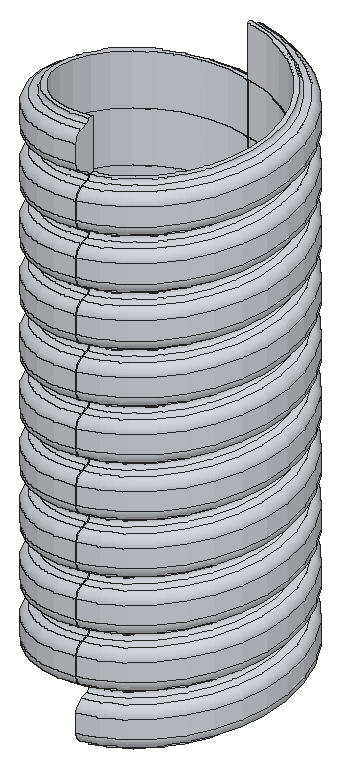
Revit family "110611-00008", category Обобщенные модели, Revit 2019
Family settings
  Может служить основой для арматурных стержней = Нет
  Размер круглого соединителя = Использовать диаметр
  Тип детали = Нормальный
  На основе рабочей плоскости = Нет
  Всегда вертикально = Да
  При загрузке вырезать с полостями = Нет
  Общий = Нет
  Точка расчета площади = Нет
Parameters (values of type "Муфта соединительная резьбовая ССД-Пайп 50 мм")
  Сертификат соответствия = "https://www.ssd.ru/upload/iblock/135/dg0dveb2bt5742u03x0awkefi1rhom8y/ssoot_1302705.pdf"
  Материал = "ПНД"
  Масса бухты, кг = "0.2"
  Тип соединения = "Резьбовое"
  ADSK_Ссылка на сайт = "https://www.ssd.ru/mufta-soedinitelnaya-rezbovaya-ssd-payp-50-mm"
  ADSK_Наименование = "Муфта соединительная резьбовая ССД-Пайп 50 мм"
  ADSK_Марка = "ССД-Пайп"
  ADSK_Код изделия = "110611-00008"
  ADSK_Изготовитель = "АО \"СВЯЗЬСТРОЙДЕТАЛЬ\""
  ADSK_Диаметр наружный = 56.8 mm
  ADSK_Диаметр внутренний = 46.8 mm
Reference planes
  plane 1 "По центру (Вперед/Назад)": y = 0
  plane 2: z = 0
  plane 3 "По центру (Влево/Вправо)": x = 0
  plane 4 "Осевая": z = 100
  plane 5: x = -28.4
  plane 6: x = 28.4
Forms (mm)
  SweptBlend 1, solid
    path origin (0, 0, -103.095) x (0, 1, 0) y (-1, 0, 0)
      loop
        arc (25.5, 0) -> (0, 25.5) -> (-25.5, 0) r 25.5
    profile origin (0, 25.5, -103.095) x (0, -1, 0) y (0, 0, 1)
      loop
        arc (1, 41.727) -> (0.85, 41.109) -> (0.354, 40.711) r 0.988
        line (0.354, 40.711) -> (-1.255, 40.126)
        arc (-1.255, 40.126) -> (-2.448, 39.21) -> (-2.9, 37.776) r 2.5
        line (-2.9, 37.776) -> (-2.9, 33.377)
        arc (-2.9, 33.377) -> (-2.448, 31.943) -> (-1.255, 31.028) r 2.5
        line (-1.255, 31.028) -> (0.354, 30.443)
        arc (0.354, 30.443) -> (0.85, 30.044) -> (1, 29.427) r 0.988
        line (1, 29.427) -> (2.1, 29.427) -> (2.1, 41.727) -> (1, 41.727)
    end profile origin (0, -25.5, -103.095) x (0, 1, 0) y (0, 0, 1)
      loop
        arc (1, 54.514) -> (0.85, 53.896) -> (0.354, 53.498) r 0.988
        line (0.354, 53.498) -> (-1.255, 52.913)
        arc (-1.255, 52.913) -> (-2.448, 51.997) -> (-2.9, 50.563) r 2.5
        line (-2.9, 50.563) -> (-2.9, 46.164)
        arc (-2.9, 46.164) -> (-2.448, 44.731) -> (-1.255, 43.815) r 2.5
        line (-1.255, 43.815) -> (0.354, 43.23)
        arc (0.354, 43.23) -> (0.85, 42.832) -> (1, 42.214) r 0.988
        line (1, 42.214) -> (2.1, 42.214) -> (2.1, 54.514) -> (1, 54.514)
  SweptBlend 2, solid
    path origin (0, 0, -103.095) x (0, -1, 0) y (1, 0, 0)
      loop
        arc (25.5, 0) -> (0, 25.5) -> (-25.5, 0) r 25.5
    profile origin (0, -25.5, -103.095) x (0, 1, 0) y (0, 0, 1)
      loop
        arc (1, 42.214) -> (0.85, 41.596) -> (0.354, 41.198) r 0.988
        line (0.354, 41.198) -> (-1.255, 40.613)
        arc (-1.255, 40.613) -> (-2.448, 39.697) -> (-2.9, 38.263) r 2.5
        line (-2.9, 38.263) -> (-2.9, 33.864)
        arc (-2.9, 33.864) -> (-2.448, 32.431) -> (-1.255, 31.515) r 2.5
        line (-1.255, 31.515) -> (0.354, 30.93)
        arc (0.354, 30.93) -> (0.85, 30.532) -> (1, 29.914) r 0.988
        line (1, 29.914) -> (2.1, 29.914) -> (2.1, 42.214) -> (1, 42.214)
    end profile origin (0, 25.5, -103.095) x (0, -1, 0) y (0, 0, 1)
      loop
        arc (1, 54.027) -> (0.85, 53.409) -> (0.354, 53.011) r 0.988
        line (0.354, 53.011) -> (-1.255, 52.426)
        arc (-1.255, 52.426) -> (-2.448, 51.51) -> (-2.9, 50.076) r 2.5
        line (-2.9, 50.076) -> (-2.9, 45.677)
        arc (-2.9, 45.677) -> (-2.448, 44.243) -> (-1.255, 43.328) r 2.5
        line (-1.255, 43.328) -> (0.354, 42.743)
        arc (0.354, 42.743) -> (0.85, 42.344) -> (1, 41.727) r 0.988
        line (1, 41.727) -> (2.1, 41.727) -> (2.1, 54.027) -> (1, 54.027)
  SweptBlend 3, solid, not visible
    path origin (0, 0, 63.929) x (0, 1, 0) y (-1, 0, 0)
      loop
        arc (25.5, 0) -> (0, 25.5) -> (-25.5, 0) r 25.5
    profile origin (0, 25.5, 63.929) x (0, -1, 0) y (0, 0, 1)
      loop
        arc (1, 41.727) -> (0.85, 41.109) -> (0.354, 40.711) r 0.988
        line (0.354, 40.711) -> (-1.255, 40.126)
        arc (-1.255, 40.126) -> (-2.448, 39.21) -> (-2.9, 37.776) r 2.5
        line (-2.9, 37.776) -> (-2.9, 33.377)
        arc (-2.9, 33.377) -> (-2.448, 31.943) -> (-1.255, 31.028) r 2.5
        line (-1.255, 31.028) -> (0.354, 30.443)
        arc (0.354, 30.443) -> (0.85, 30.044) -> (1, 29.427) r 0.988
        line (1, 29.427) -> (2.1, 29.427) -> (2.1, 41.727) -> (1, 41.727)
    end profile origin (0, -25.5, 63.929) x (0, 1, 0) y (0, 0, 1)
      loop
        arc (1, 54.514) -> (0.85, 53.896) -> (0.354, 53.498) r 0.988
        line (0.354, 53.498) -> (-1.255, 52.913)
        arc (-1.255, 52.913) -> (-2.448, 51.997) -> (-2.9, 50.563) r 2.5
        line (-2.9, 50.563) -> (-2.9, 46.164)
        arc (-2.9, 46.164) -> (-2.448, 44.731) -> (-1.255, 43.815) r 2.5
        line (-1.255, 43.815) -> (0.354, 43.23)
        arc (0.354, 43.23) -> (0.85, 42.832) -> (1, 42.214) r 0.988
        line (1, 42.214) -> (2.1, 42.214) -> (2.1, 54.514) -> (1, 54.514)
  SweptBlend 4, solid, not visible
    path origin (0, 0, 63.929) x (0, -1, 0) y (1, 0, 0)
      loop
        arc (25.5, 0) -> (0, 25.5) -> (-25.5, 0) r 25.5
    profile origin (0, -25.5, 63.929) x (0, 1, 0) y (0, 0, 1)
      loop
        arc (1, 42.214) -> (0.85, 41.596) -> (0.354, 41.198) r 0.988
        line (0.354, 41.198) -> (-1.255, 40.613)
        arc (-1.255, 40.613) -> (-2.448, 39.697) -> (-2.9, 38.263) r 2.5
        line (-2.9, 38.263) -> (-2.9, 33.864)
        arc (-2.9, 33.864) -> (-2.448, 32.431) -> (-1.255, 31.515) r 2.5
        line (-1.255, 31.515) -> (0.354, 30.93)
        arc (0.354, 30.93) -> (0.85, 30.532) -> (1, 29.914) r 0.988
        line (1, 29.914) -> (2.1, 29.914) -> (2.1, 42.214) -> (1, 42.214)
    end profile origin (0, 25.5, 63.929) x (0, -1, 0) y (0, 0, 1)
      loop
        arc (1, 54.027) -> (0.85, 53.409) -> (0.354, 53.011) r 0.988
        line (0.354, 53.011) -> (-1.255, 52.426)
        arc (-1.255, 52.426) -> (-2.448, 51.51) -> (-2.9, 50.076) r 2.5
        line (-2.9, 50.076) -> (-2.9, 45.677)
        arc (-2.9, 45.677) -> (-2.448, 44.243) -> (-1.255, 43.328) r 2.5
        line (-1.255, 43.328) -> (0.354, 42.743)
        arc (0.354, 42.743) -> (0.85, 42.344) -> (1, 41.727) r 0.988
        line (1, 41.727) -> (2.1, 41.727) -> (2.1, 54.027) -> (1, 54.027)
  SweptBlend 5, solid
    path origin (0, 0, -90.795) x (0, 1, 0) y (-1, 0, 0)
      loop
        arc (25.5, 0) -> (0, 25.5) -> (-25.5, 0) r 25.5
    profile origin (0, 25.5, -90.795) x (0, -1, 0) y (0, 0, 1)
      loop
        arc (1, 41.727) -> (0.85, 41.109) -> (0.354, 40.711) r 0.988
        line (0.354, 40.711) -> (-1.255, 40.126)
        arc (-1.255, 40.126) -> (-2.448, 39.21) -> (-2.9, 37.776) r 2.5
        line (-2.9, 37.776) -> (-2.9, 33.377)
        arc (-2.9, 33.377) -> (-2.448, 31.943) -> (-1.255, 31.028) r 2.5
        line (-1.255, 31.028) -> (0.354, 30.443)
        arc (0.354, 30.443) -> (0.85, 30.044) -> (1, 29.427) r 0.988
        line (1, 29.427) -> (2.1, 29.427) -> (2.1, 41.727) -> (1, 41.727)
    end profile origin (0, -25.5, -90.795) x (0, 1, 0) y (0, 0, 1)
      loop
        arc (1, 54.514) -> (0.85, 53.896) -> (0.354, 53.498) r 0.988
        line (0.354, 53.498) -> (-1.255, 52.913)
        arc (-1.255, 52.913) -> (-2.448, 51.997) -> (-2.9, 50.563) r 2.5
        line (-2.9, 50.563) -> (-2.9, 46.164)
        arc (-2.9, 46.164) -> (-2.448, 44.731) -> (-1.255, 43.815) r 2.5
        line (-1.255, 43.815) -> (0.354, 43.23)
        arc (0.354, 43.23) -> (0.85, 42.832) -> (1, 42.214) r 0.988
        line (1, 42.214) -> (2.1, 42.214) -> (2.1, 54.514) -> (1, 54.514)
  SweptBlend 6, solid
    path origin (0, 0, -90.795) x (0, -1, 0) y (1, 0, 0)
      loop
        arc (25.5, 0) -> (0, 25.5) -> (-25.5, 0) r 25.5
    profile origin (0, -25.5, -90.795) x (0, 1, 0) y (0, 0, 1)
      loop
        arc (1, 42.214) -> (0.85, 41.596) -> (0.354, 41.198) r 0.988
        line (0.354, 41.198) -> (-1.255, 40.613)
        arc (-1.255, 40.613) -> (-2.448, 39.697) -> (-2.9, 38.263) r 2.5
        line (-2.9, 38.263) -> (-2.9, 33.864)
        arc (-2.9, 33.864) -> (-2.448, 32.431) -> (-1.255, 31.515) r 2.5
        line (-1.255, 31.515) -> (0.354, 30.93)
        arc (0.354, 30.93) -> (0.85, 30.532) -> (1, 29.914) r 0.988
        line (1, 29.914) -> (2.1, 29.914) -> (2.1, 42.214) -> (1, 42.214)
    end profile origin (0, 25.5, -90.795) x (0, -1, 0) y (0, 0, 1)
      loop
        arc (1, 54.027) -> (0.85, 53.409) -> (0.354, 53.011) r 0.988
        line (0.354, 53.011) -> (-1.255, 52.426)
        arc (-1.255, 52.426) -> (-2.448, 51.51) -> (-2.9, 50.076) r 2.5
        line (-2.9, 50.076) -> (-2.9, 45.677)
        arc (-2.9, 45.677) -> (-2.448, 44.243) -> (-1.255, 43.328) r 2.5
        line (-1.255, 43.328) -> (0.354, 42.743)
        arc (0.354, 42.743) -> (0.85, 42.344) -> (1, 41.727) r 0.988
        line (1, 41.727) -> (2.1, 41.727) -> (2.1, 54.027) -> (1, 54.027)
  SweptBlend 7, solid
    path origin (0, 0, -78.495) x (0, 1, 0) y (-1, 0, 0)
      loop
        arc (25.5, 0) -> (0, 25.5) -> (-25.5, 0) r 25.5
    profile origin (0, 25.5, -78.495) x (0, -1, 0) y (0, 0, 1)
      loop
        arc (1, 41.727) -> (0.85, 41.109) -> (0.354, 40.711) r 0.988
        line (0.354, 40.711) -> (-1.255, 40.126)
        arc (-1.255, 40.126) -> (-2.448, 39.21) -> (-2.9, 37.776) r 2.5
        line (-2.9, 37.776) -> (-2.9, 33.377)
        arc (-2.9, 33.377) -> (-2.448, 31.943) -> (-1.255, 31.028) r 2.5
        line (-1.255, 31.028) -> (0.354, 30.443)
        arc (0.354, 30.443) -> (0.85, 30.044) -> (1, 29.427) r 0.988
        line (1, 29.427) -> (2.1, 29.427) -> (2.1, 41.727) -> (1, 41.727)
    end profile origin (0, -25.5, -78.495) x (0, 1, 0) y (0, 0, 1)
      loop
        arc (1, 54.514) -> (0.85, 53.896) -> (0.354, 53.498) r 0.988
        line (0.354, 53.498) -> (-1.255, 52.913)
        arc (-1.255, 52.913) -> (-2.448, 51.997) -> (-2.9, 50.563) r 2.5
        line (-2.9, 50.563) -> (-2.9, 46.164)
        arc (-2.9, 46.164) -> (-2.448, 44.731) -> (-1.255, 43.815) r 2.5
        line (-1.255, 43.815) -> (0.354, 43.23)
        arc (0.354, 43.23) -> (0.85, 42.832) -> (1, 42.214) r 0.988
        line (1, 42.214) -> (2.1, 42.214) -> (2.1, 54.514) -> (1, 54.514)
  SweptBlend 8, solid
    path origin (0, 0, -78.495) x (0, -1, 0) y (1, 0, 0)
      loop
        arc (25.5, 0) -> (0, 25.5) -> (-25.5, 0) r 25.5
    profile origin (0, -25.5, -78.495) x (0, 1, 0) y (0, 0, 1)
      loop
        arc (1, 42.214) -> (0.85, 41.596) -> (0.354, 41.198) r 0.988
        line (0.354, 41.198) -> (-1.255, 40.613)
        arc (-1.255, 40.613) -> (-2.448, 39.697) -> (-2.9, 38.263) r 2.5
        line (-2.9, 38.263) -> (-2.9, 33.864)
        arc (-2.9, 33.864) -> (-2.448, 32.431) -> (-1.255, 31.515) r 2.5
        line (-1.255, 31.515) -> (0.354, 30.93)
        arc (0.354, 30.93) -> (0.85, 30.532) -> (1, 29.914) r 0.988
        line (1, 29.914) -> (2.1, 29.914) -> (2.1, 42.214) -> (1, 42.214)
    end profile origin (0, 25.5, -78.495) x (0, -1, 0) y (0, 0, 1)
      loop
        arc (1, 54.027) -> (0.85, 53.409) -> (0.354, 53.011) r 0.988
        line (0.354, 53.011) -> (-1.255, 52.426)
        arc (-1.255, 52.426) -> (-2.448, 51.51) -> (-2.9, 50.076) r 2.5
        line (-2.9, 50.076) -> (-2.9, 45.677)
        arc (-2.9, 45.677) -> (-2.448, 44.243) -> (-1.255, 43.328) r 2.5
        line (-1.255, 43.328) -> (0.354, 42.743)
        arc (0.354, 42.743) -> (0.85, 42.344) -> (1, 41.727) r 0.988
        line (1, 41.727) -> (2.1, 41.727) -> (2.1, 54.027) -> (1, 54.027)
  SweptBlend 9, solid
    path origin (0, 0, -66.195) x (0, 1, 0) y (-1, 0, 0)
      loop
        arc (25.5, 0) -> (0, 25.5) -> (-25.5, 0) r 25.5
    profile origin (0, 25.5, -66.195) x (0, -1, 0) y (0, 0, 1)
      loop
        arc (1, 41.727) -> (0.85, 41.109) -> (0.354, 40.711) r 0.988
        line (0.354, 40.711) -> (-1.255, 40.126)
        arc (-1.255, 40.126) -> (-2.448, 39.21) -> (-2.9, 37.776) r 2.5
        line (-2.9, 37.776) -> (-2.9, 33.377)
        arc (-2.9, 33.377) -> (-2.448, 31.943) -> (-1.255, 31.028) r 2.5
        line (-1.255, 31.028) -> (0.354, 30.443)
        arc (0.354, 30.443) -> (0.85, 30.044) -> (1, 29.427) r 0.988
        line (1, 29.427) -> (2.1, 29.427) -> (2.1, 41.727) -> (1, 41.727)
    end profile origin (0, -25.5, -66.195) x (0, 1, 0) y (0, 0, 1)
      loop
        arc (1, 54.514) -> (0.85, 53.896) -> (0.354, 53.498) r 0.988
        line (0.354, 53.498) -> (-1.255, 52.913)
        arc (-1.255, 52.913) -> (-2.448, 51.997) -> (-2.9, 50.563) r 2.5
        line (-2.9, 50.563) -> (-2.9, 46.164)
        arc (-2.9, 46.164) -> (-2.448, 44.731) -> (-1.255, 43.815) r 2.5
        line (-1.255, 43.815) -> (0.354, 43.23)
        arc (0.354, 43.23) -> (0.85, 42.832) -> (1, 42.214) r 0.988
        line (1, 42.214) -> (2.1, 42.214) -> (2.1, 54.514) -> (1, 54.514)
  SweptBlend 10, solid
    path origin (0, 0, -66.195) x (0, -1, 0) y (1, 0, 0)
      loop
        arc (25.5, 0) -> (0, 25.5) -> (-25.5, 0) r 25.5
    profile origin (0, -25.5, -66.195) x (0, 1, 0) y (0, 0, 1)
      loop
        arc (1, 42.214) -> (0.85, 41.596) -> (0.354, 41.198) r 0.988
        line (0.354, 41.198) -> (-1.255, 40.613)
        arc (-1.255, 40.613) -> (-2.448, 39.697) -> (-2.9, 38.263) r 2.5
        line (-2.9, 38.263) -> (-2.9, 33.864)
        arc (-2.9, 33.864) -> (-2.448, 32.431) -> (-1.255, 31.515) r 2.5
        line (-1.255, 31.515) -> (0.354, 30.93)
        arc (0.354, 30.93) -> (0.85, 30.532) -> (1, 29.914) r 0.988
        line (1, 29.914) -> (2.1, 29.914) -> (2.1, 42.214) -> (1, 42.214)
    end profile origin (0, 25.5, -66.195) x (0, -1, 0) y (0, 0, 1)
      loop
        arc (1, 54.027) -> (0.85, 53.409) -> (0.354, 53.011) r 0.988
        line (0.354, 53.011) -> (-1.255, 52.426)
        arc (-1.255, 52.426) -> (-2.448, 51.51) -> (-2.9, 50.076) r 2.5
        line (-2.9, 50.076) -> (-2.9, 45.677)
        arc (-2.9, 45.677) -> (-2.448, 44.243) -> (-1.255, 43.328) r 2.5
        line (-1.255, 43.328) -> (0.354, 42.743)
        arc (0.354, 42.743) -> (0.85, 42.344) -> (1, 41.727) r 0.988
        line (1, 41.727) -> (2.1, 41.727) -> (2.1, 54.027) -> (1, 54.027)
  SweptBlend 11, solid
    path origin (0, 0, -53.895) x (0, 1, 0) y (-1, 0, 0)
      loop
        arc (25.5, 0) -> (0, 25.5) -> (-25.5, 0) r 25.5
    profile origin (0, 25.5, -53.895) x (0, -1, 0) y (0, 0, 1)
      loop
        arc (1, 41.727) -> (0.85, 41.109) -> (0.354, 40.711) r 0.988
        line (0.354, 40.711) -> (-1.255, 40.126)
        arc (-1.255, 40.126) -> (-2.448, 39.21) -> (-2.9, 37.776) r 2.5
        line (-2.9, 37.776) -> (-2.9, 33.377)
        arc (-2.9, 33.377) -> (-2.448, 31.943) -> (-1.255, 31.028) r 2.5
        line (-1.255, 31.028) -> (0.354, 30.443)
        arc (0.354, 30.443) -> (0.85, 30.044) -> (1, 29.427) r 0.988
        line (1, 29.427) -> (2.1, 29.427) -> (2.1, 41.727) -> (1, 41.727)
    end profile origin (0, -25.5, -53.895) x (0, 1, 0) y (0, 0, 1)
      loop
        arc (1, 54.514) -> (0.85, 53.896) -> (0.354, 53.498) r 0.988
        line (0.354, 53.498) -> (-1.255, 52.913)
        arc (-1.255, 52.913) -> (-2.448, 51.997) -> (-2.9, 50.563) r 2.5
        line (-2.9, 50.563) -> (-2.9, 46.164)
        arc (-2.9, 46.164) -> (-2.448, 44.731) -> (-1.255, 43.815) r 2.5
        line (-1.255, 43.815) -> (0.354, 43.23)
        arc (0.354, 43.23) -> (0.85, 42.832) -> (1, 42.214) r 0.988
        line (1, 42.214) -> (2.1, 42.214) -> (2.1, 54.514) -> (1, 54.514)
  SweptBlend 12, solid
    path origin (0, 0, -53.895) x (0, -1, 0) y (1, 0, 0)
      loop
        arc (25.5, 0) -> (0, 25.5) -> (-25.5, 0) r 25.5
    profile origin (0, -25.5, -53.895) x (0, 1, 0) y (0, 0, 1)
      loop
        arc (1, 42.214) -> (0.85, 41.596) -> (0.354, 41.198) r 0.988
        line (0.354, 41.198) -> (-1.255, 40.613)
        arc (-1.255, 40.613) -> (-2.448, 39.697) -> (-2.9, 38.263) r 2.5
        line (-2.9, 38.263) -> (-2.9, 33.864)
        arc (-2.9, 33.864) -> (-2.448, 32.431) -> (-1.255, 31.515) r 2.5
        line (-1.255, 31.515) -> (0.354, 30.93)
        arc (0.354, 30.93) -> (0.85, 30.532) -> (1, 29.914) r 0.988
        line (1, 29.914) -> (2.1, 29.914) -> (2.1, 42.214) -> (1, 42.214)
    end profile origin (0, 25.5, -53.895) x (0, -1, 0) y (0, 0, 1)
      loop
        arc (1, 54.027) -> (0.85, 53.409) -> (0.354, 53.011) r 0.988
        line (0.354, 53.011) -> (-1.255, 52.426)
        arc (-1.255, 52.426) -> (-2.448, 51.51) -> (-2.9, 50.076) r 2.5
        line (-2.9, 50.076) -> (-2.9, 45.677)
        arc (-2.9, 45.677) -> (-2.448, 44.243) -> (-1.255, 43.328) r 2.5
        line (-1.255, 43.328) -> (0.354, 42.743)
        arc (0.354, 42.743) -> (0.85, 42.344) -> (1, 41.727) r 0.988
        line (1, 41.727) -> (2.1, 41.727) -> (2.1, 54.027) -> (1, 54.027)
  SweptBlend 13, solid
    path origin (0, 0, -41.595) x (0, 1, 0) y (-1, 0, 0)
      loop
        arc (25.5, 0) -> (0, 25.5) -> (-25.5, 0) r 25.5
    profile origin (0, 25.5, -41.595) x (0, -1, 0) y (0, 0, 1)
      loop
        arc (1, 41.727) -> (0.85, 41.109) -> (0.354, 40.711) r 0.988
        line (0.354, 40.711) -> (-1.255, 40.126)
        arc (-1.255, 40.126) -> (-2.448, 39.21) -> (-2.9, 37.776) r 2.5
        line (-2.9, 37.776) -> (-2.9, 33.377)
        arc (-2.9, 33.377) -> (-2.448, 31.943) -> (-1.255, 31.028) r 2.5
        line (-1.255, 31.028) -> (0.354, 30.443)
        arc (0.354, 30.443) -> (0.85, 30.044) -> (1, 29.427) r 0.988
        line (1, 29.427) -> (2.1, 29.427) -> (2.1, 41.727) -> (1, 41.727)
    end profile origin (0, -25.5, -41.595) x (0, 1, 0) y (0, 0, 1)
      loop
        arc (1, 54.514) -> (0.85, 53.896) -> (0.354, 53.498) r 0.988
        line (0.354, 53.498) -> (-1.255, 52.913)
        arc (-1.255, 52.913) -> (-2.448, 51.997) -> (-2.9, 50.563) r 2.5
        line (-2.9, 50.563) -> (-2.9, 46.164)
        arc (-2.9, 46.164) -> (-2.448, 44.731) -> (-1.255, 43.815) r 2.5
        line (-1.255, 43.815) -> (0.354, 43.23)
        arc (0.354, 43.23) -> (0.85, 42.832) -> (1, 42.214) r 0.988
        line (1, 42.214) -> (2.1, 42.214) -> (2.1, 54.514) -> (1, 54.514)
  SweptBlend 14, solid
    path origin (0, 0, -41.595) x (0, -1, 0) y (1, 0, 0)
      loop
        arc (25.5, 0) -> (0, 25.5) -> (-25.5, 0) r 25.5
    profile origin (0, -25.5, -41.595) x (0, 1, 0) y (0, 0, 1)
      loop
        arc (1, 42.214) -> (0.85, 41.596) -> (0.354, 41.198) r 0.988
        line (0.354, 41.198) -> (-1.255, 40.613)
        arc (-1.255, 40.613) -> (-2.448, 39.697) -> (-2.9, 38.263) r 2.5
        line (-2.9, 38.263) -> (-2.9, 33.864)
        arc (-2.9, 33.864) -> (-2.448, 32.431) -> (-1.255, 31.515) r 2.5
        line (-1.255, 31.515) -> (0.354, 30.93)
        arc (0.354, 30.93) -> (0.85, 30.532) -> (1, 29.914) r 0.988
        line (1, 29.914) -> (2.1, 29.914) -> (2.1, 42.214) -> (1, 42.214)
    end profile origin (0, 25.5, -41.595) x (0, -1, 0) y (0, 0, 1)
      loop
        arc (1, 54.027) -> (0.85, 53.409) -> (0.354, 53.011) r 0.988
        line (0.354, 53.011) -> (-1.255, 52.426)
        arc (-1.255, 52.426) -> (-2.448, 51.51) -> (-2.9, 50.076) r 2.5
        line (-2.9, 50.076) -> (-2.9, 45.677)
        arc (-2.9, 45.677) -> (-2.448, 44.243) -> (-1.255, 43.328) r 2.5
        line (-1.255, 43.328) -> (0.354, 42.743)
        arc (0.354, 42.743) -> (0.85, 42.344) -> (1, 41.727) r 0.988
        line (1, 41.727) -> (2.1, 41.727) -> (2.1, 54.027) -> (1, 54.027)
  SweptBlend 15, solid
    path origin (0, 0, -29.295) x (0, 1, 0) y (-1, 0, 0)
      loop
        arc (25.5, 0) -> (0, 25.5) -> (-25.5, 0) r 25.5
    profile origin (0, 25.5, -29.295) x (0, -1, 0) y (0, 0, 1)
      loop
        arc (1, 41.727) -> (0.85, 41.109) -> (0.354, 40.711) r 0.988
        line (0.354, 40.711) -> (-1.255, 40.126)
        arc (-1.255, 40.126) -> (-2.448, 39.21) -> (-2.9, 37.776) r 2.5
        line (-2.9, 37.776) -> (-2.9, 33.377)
        arc (-2.9, 33.377) -> (-2.448, 31.943) -> (-1.255, 31.028) r 2.5
        line (-1.255, 31.028) -> (0.354, 30.443)
        arc (0.354, 30.443) -> (0.85, 30.044) -> (1, 29.427) r 0.988
        line (1, 29.427) -> (2.1, 29.427) -> (2.1, 41.727) -> (1, 41.727)
    end profile origin (0, -25.5, -29.295) x (0, 1, 0) y (0, 0, 1)
      loop
        arc (1, 54.514) -> (0.85, 53.896) -> (0.354, 53.498) r 0.988
        line (0.354, 53.498) -> (-1.255, 52.913)
        arc (-1.255, 52.913) -> (-2.448, 51.997) -> (-2.9, 50.563) r 2.5
        line (-2.9, 50.563) -> (-2.9, 46.164)
        arc (-2.9, 46.164) -> (-2.448, 44.731) -> (-1.255, 43.815) r 2.5
        line (-1.255, 43.815) -> (0.354, 43.23)
        arc (0.354, 43.23) -> (0.85, 42.832) -> (1, 42.214) r 0.988
        line (1, 42.214) -> (2.1, 42.214) -> (2.1, 54.514) -> (1, 54.514)
  SweptBlend 16, solid
    path origin (0, 0, -29.295) x (0, -1, 0) y (1, 0, 0)
      loop
        arc (25.5, 0) -> (0, 25.5) -> (-25.5, 0) r 25.5
    profile origin (0, -25.5, -29.295) x (0, 1, 0) y (0, 0, 1)
      loop
        arc (1, 42.214) -> (0.85, 41.596) -> (0.354, 41.198) r 0.988
        line (0.354, 41.198) -> (-1.255, 40.613)
        arc (-1.255, 40.613) -> (-2.448, 39.697) -> (-2.9, 38.263) r 2.5
        line (-2.9, 38.263) -> (-2.9, 33.864)
        arc (-2.9, 33.864) -> (-2.448, 32.431) -> (-1.255, 31.515) r 2.5
        line (-1.255, 31.515) -> (0.354, 30.93)
        arc (0.354, 30.93) -> (0.85, 30.532) -> (1, 29.914) r 0.988
        line (1, 29.914) -> (2.1, 29.914) -> (2.1, 42.214) -> (1, 42.214)
    end profile origin (0, 25.5, -29.295) x (0, -1, 0) y (0, 0, 1)
      loop
        arc (1, 54.027) -> (0.85, 53.409) -> (0.354, 53.011) r 0.988
        line (0.354, 53.011) -> (-1.255, 52.426)
        arc (-1.255, 52.426) -> (-2.448, 51.51) -> (-2.9, 50.076) r 2.5
        line (-2.9, 50.076) -> (-2.9, 45.677)
        arc (-2.9, 45.677) -> (-2.448, 44.243) -> (-1.255, 43.328) r 2.5
        line (-1.255, 43.328) -> (0.354, 42.743)
        arc (0.354, 42.743) -> (0.85, 42.344) -> (1, 41.727) r 0.988
        line (1, 41.727) -> (2.1, 41.727) -> (2.1, 54.027) -> (1, 54.027)
  SweptBlend 17, solid
    path origin (0, 0, -16.995) x (0, 1, 0) y (-1, 0, 0)
      loop
        arc (25.5, 0) -> (0, 25.5) -> (-25.5, 0) r 25.5
    profile origin (0, 25.5, -16.995) x (0, -1, 0) y (0, 0, 1)
      loop
        arc (1, 41.727) -> (0.85, 41.109) -> (0.354, 40.711) r 0.988
        line (0.354, 40.711) -> (-1.255, 40.126)
        arc (-1.255, 40.126) -> (-2.448, 39.21) -> (-2.9, 37.776) r 2.5
        line (-2.9, 37.776) -> (-2.9, 33.377)
        arc (-2.9, 33.377) -> (-2.448, 31.943) -> (-1.255, 31.028) r 2.5
        line (-1.255, 31.028) -> (0.354, 30.443)
        arc (0.354, 30.443) -> (0.85, 30.044) -> (1, 29.427) r 0.988
        line (1, 29.427) -> (2.1, 29.427) -> (2.1, 41.727) -> (1, 41.727)
    end profile origin (0, -25.5, -16.995) x (0, 1, 0) y (0, 0, 1)
      loop
        arc (1, 54.514) -> (0.85, 53.896) -> (0.354, 53.498) r 0.988
        line (0.354, 53.498) -> (-1.255, 52.913)
        arc (-1.255, 52.913) -> (-2.448, 51.997) -> (-2.9, 50.563) r 2.5
        line (-2.9, 50.563) -> (-2.9, 46.164)
        arc (-2.9, 46.164) -> (-2.448, 44.731) -> (-1.255, 43.815) r 2.5
        line (-1.255, 43.815) -> (0.354, 43.23)
        arc (0.354, 43.23) -> (0.85, 42.832) -> (1, 42.214) r 0.988
        line (1, 42.214) -> (2.1, 42.214) -> (2.1, 54.514) -> (1, 54.514)
  SweptBlend 18, solid
    path origin (0, 0, -16.995) x (0, -1, 0) y (1, 0, 0)
      loop
        arc (25.5, 0) -> (0, 25.5) -> (-25.5, 0) r 25.5
    profile origin (0, -25.5, -16.995) x (0, 1, 0) y (0, 0, 1)
      loop
        arc (1, 42.214) -> (0.85, 41.596) -> (0.354, 41.198) r 0.988
        line (0.354, 41.198) -> (-1.255, 40.613)
        arc (-1.255, 40.613) -> (-2.448, 39.697) -> (-2.9, 38.263) r 2.5
        line (-2.9, 38.263) -> (-2.9, 33.864)
        arc (-2.9, 33.864) -> (-2.448, 32.431) -> (-1.255, 31.515) r 2.5
        line (-1.255, 31.515) -> (0.354, 30.93)
        arc (0.354, 30.93) -> (0.85, 30.532) -> (1, 29.914) r 0.988
        line (1, 29.914) -> (2.1, 29.914) -> (2.1, 42.214) -> (1, 42.214)
    end profile origin (0, 25.5, -16.995) x (0, -1, 0) y (0, 0, 1)
      loop
        arc (1, 54.027) -> (0.85, 53.409) -> (0.354, 53.011) r 0.988
        line (0.354, 53.011) -> (-1.255, 52.426)
        arc (-1.255, 52.426) -> (-2.448, 51.51) -> (-2.9, 50.076) r 2.5
        line (-2.9, 50.076) -> (-2.9, 45.677)
        arc (-2.9, 45.677) -> (-2.448, 44.243) -> (-1.255, 43.328) r 2.5
        line (-1.255, 43.328) -> (0.354, 42.743)
        arc (0.354, 42.743) -> (0.85, 42.344) -> (1, 41.727) r 0.988
        line (1, 41.727) -> (2.1, 41.727) -> (2.1, 54.027) -> (1, 54.027)
  SweptBlend 19, solid
    path origin (0, 0, -4.695) x (0, 1, 0) y (-1, 0, 0)
      loop
        arc (25.5, 0) -> (0, 25.5) -> (-25.5, 0) r 25.5
    profile origin (0, 25.5, -4.695) x (0, -1, 0) y (0, 0, 1)
      loop
        arc (1, 41.727) -> (0.85, 41.109) -> (0.354, 40.711) r 0.988
        line (0.354, 40.711) -> (-1.255, 40.126)
        arc (-1.255, 40.126) -> (-2.448, 39.21) -> (-2.9, 37.776) r 2.5
        line (-2.9, 37.776) -> (-2.9, 33.377)
        arc (-2.9, 33.377) -> (-2.448, 31.943) -> (-1.255, 31.028) r 2.5
        line (-1.255, 31.028) -> (0.354, 30.443)
        arc (0.354, 30.443) -> (0.85, 30.044) -> (1, 29.427) r 0.988
        line (1, 29.427) -> (2.1, 29.427) -> (2.1, 41.727) -> (1, 41.727)
    end profile origin (0, -25.5, -4.695) x (0, 1, 0) y (0, 0, 1)
      loop
        arc (1, 54.514) -> (0.85, 53.896) -> (0.354, 53.498) r 0.988
        line (0.354, 53.498) -> (-1.255, 52.913)
        arc (-1.255, 52.913) -> (-2.448, 51.997) -> (-2.9, 50.563) r 2.5
        line (-2.9, 50.563) -> (-2.9, 46.164)
        arc (-2.9, 46.164) -> (-2.448, 44.731) -> (-1.255, 43.815) r 2.5
        line (-1.255, 43.815) -> (0.354, 43.23)
        arc (0.354, 43.23) -> (0.85, 42.832) -> (1, 42.214) r 0.988
        line (1, 42.214) -> (2.1, 42.214) -> (2.1, 54.514) -> (1, 54.514)
  SweptBlend 20, solid
    path origin (0, 0, -4.695) x (0, -1, 0) y (1, 0, 0)
      loop
        arc (25.5, 0) -> (0, 25.5) -> (-25.5, 0) r 25.5
    profile origin (0, -25.5, -4.695) x (0, 1, 0) y (0, 0, 1)
      loop
        arc (1, 42.214) -> (0.85, 41.596) -> (0.354, 41.198) r 0.988
        line (0.354, 41.198) -> (-1.255, 40.613)
        arc (-1.255, 40.613) -> (-2.448, 39.697) -> (-2.9, 38.263) r 2.5
        line (-2.9, 38.263) -> (-2.9, 33.864)
        arc (-2.9, 33.864) -> (-2.448, 32.431) -> (-1.255, 31.515) r 2.5
        line (-1.255, 31.515) -> (0.354, 30.93)
        arc (0.354, 30.93) -> (0.85, 30.532) -> (1, 29.914) r 0.988
        line (1, 29.914) -> (2.1, 29.914) -> (2.1, 42.214) -> (1, 42.214)
    end profile origin (0, 25.5, -4.695) x (0, -1, 0) y (0, 0, 1)
      loop
        arc (1, 54.027) -> (0.85, 53.409) -> (0.354, 53.011) r 0.988
        line (0.354, 53.011) -> (-1.255, 52.426)
        arc (-1.255, 52.426) -> (-2.448, 51.51) -> (-2.9, 50.076) r 2.5
        line (-2.9, 50.076) -> (-2.9, 45.677)
        arc (-2.9, 45.677) -> (-2.448, 44.243) -> (-1.255, 43.328) r 2.5
        line (-1.255, 43.328) -> (0.354, 42.743)
        arc (0.354, 42.743) -> (0.85, 42.344) -> (1, 41.727) r 0.988
        line (1, 41.727) -> (2.1, 41.727) -> (2.1, 54.027) -> (1, 54.027)
  SweptBlend 21, solid
    path origin (0, 0, 7.605) x (0, 1, 0) y (-1, 0, 0)
      loop
        arc (25.5, 0) -> (0, 25.5) -> (-25.5, 0) r 25.5
    profile origin (0, 25.5, 7.605) x (0, -1, 0) y (0, 0, 1)
      loop
        arc (1, 41.727) -> (0.85, 41.109) -> (0.354, 40.711) r 0.988
        line (0.354, 40.711) -> (-1.255, 40.126)
        arc (-1.255, 40.126) -> (-2.448, 39.21) -> (-2.9, 37.776) r 2.5
        line (-2.9, 37.776) -> (-2.9, 33.377)
        arc (-2.9, 33.377) -> (-2.448, 31.943) -> (-1.255, 31.028) r 2.5
        line (-1.255, 31.028) -> (0.354, 30.443)
        arc (0.354, 30.443) -> (0.85, 30.044) -> (1, 29.427) r 0.988
        line (1, 29.427) -> (2.1, 29.427) -> (2.1, 41.727) -> (1, 41.727)
    end profile origin (0, -25.5, 7.605) x (0, 1, 0) y (0, 0, 1)
      loop
        arc (1, 54.514) -> (0.85, 53.896) -> (0.354, 53.498) r 0.988
        line (0.354, 53.498) -> (-1.255, 52.913)
        arc (-1.255, 52.913) -> (-2.448, 51.997) -> (-2.9, 50.563) r 2.5
        line (-2.9, 50.563) -> (-2.9, 46.164)
        arc (-2.9, 46.164) -> (-2.448, 44.731) -> (-1.255, 43.815) r 2.5
        line (-1.255, 43.815) -> (0.354, 43.23)
        arc (0.354, 43.23) -> (0.85, 42.832) -> (1, 42.214) r 0.988
        line (1, 42.214) -> (2.1, 42.214) -> (2.1, 54.514) -> (1, 54.514)
  SweptBlend 22, solid
    path origin (0, 0, 7.605) x (0, -1, 0) y (1, 0, 0)
      loop
        arc (25.5, 0) -> (0, 25.5) -> (-25.5, 0) r 25.5
    profile origin (0, -25.5, 7.605) x (0, 1, 0) y (0, 0, 1)
      loop
        arc (1, 42.214) -> (0.85, 41.596) -> (0.354, 41.198) r 0.988
        line (0.354, 41.198) -> (-1.255, 40.613)
        arc (-1.255, 40.613) -> (-2.448, 39.697) -> (-2.9, 38.263) r 2.5
        line (-2.9, 38.263) -> (-2.9, 33.864)
        arc (-2.9, 33.864) -> (-2.448, 32.431) -> (-1.255, 31.515) r 2.5
        line (-1.255, 31.515) -> (0.354, 30.93)
        arc (0.354, 30.93) -> (0.85, 30.532) -> (1, 29.914) r 0.988
        line (1, 29.914) -> (2.1, 29.914) -> (2.1, 42.214) -> (1, 42.214)
    end profile origin (0, 25.5, 7.605) x (0, -1, 0) y (0, 0, 1)
      loop
        arc (1, 54.027) -> (0.85, 53.409) -> (0.354, 53.011) r 0.988
        line (0.354, 53.011) -> (-1.255, 52.426)
        arc (-1.255, 52.426) -> (-2.448, 51.51) -> (-2.9, 50.076) r 2.5
        line (-2.9, 50.076) -> (-2.9, 45.677)
        arc (-2.9, 45.677) -> (-2.448, 44.243) -> (-1.255, 43.328) r 2.5
        line (-1.255, 43.328) -> (0.354, 42.743)
        arc (0.354, 42.743) -> (0.85, 42.344) -> (1, 41.727) r 0.988
        line (1, 41.727) -> (2.1, 41.727) -> (2.1, 54.027) -> (1, 54.027)
Dimensions and locks
  locked: plane 4 "Осевая" to level at 100
  "ADSK_Диаметр наружный": plane 5 to plane 6
  equal spacing: plane 5, plane 3 "По центру (Влево/Вправо)", plane 6
  equal spacing: group 2, group 5, group 7, group 9, group 11, group 13, group 15, group 17, group 19, group 21  (x3)
  radius of SweptBlend 1 sketch curve = 25.5 mm
  radius of SweptBlend 2 sketch curve = 25.5 mm
  radius of SweptBlend 3 sketch curve = 25.5 mm
  radius of SweptBlend 4 sketch curve = 25.5 mm
  radius of SweptBlend 5 sketch curve = 25.5 mm
  radius of SweptBlend 6 sketch curve = 25.5 mm
  radius of SweptBlend 7 sketch curve = 25.5 mm
  radius of SweptBlend 8 sketch curve = 25.5 mm
  radius of SweptBlend 9 sketch curve = 25.5 mm
  radius of SweptBlend 10 sketch curve = 25.5 mm
  radius of SweptBlend 11 sketch curve = 25.5 mm
  radius of SweptBlend 12 sketch curve = 25.5 mm
  radius of SweptBlend 13 sketch curve = 25.5 mm
  radius of SweptBlend 14 sketch curve = 25.5 mm
  radius of SweptBlend 15 sketch curve = 25.5 mm
  radius of SweptBlend 16 sketch curve = 25.5 mm
  radius of SweptBlend 17 sketch curve = 25.5 mm
  radius of SweptBlend 18 sketch curve = 25.5 mm
  radius of SweptBlend 19 sketch curve = 25.5 mm
  radius of SweptBlend 20 sketch curve = 25.5 mm
  radius of SweptBlend 21 sketch curve = 25.5 mm
  radius of SweptBlend 22 sketch curve = 25.5 mm
  aligned and locked: level to plane 2
Automatic sketch dimensions
  profile plane to SweptBlend 1 sketch curve = 2.9 mm  (x2)
  profile plane to SweptBlend 1 sketch curve = 1.255 mm  (x4)
  profile plane to SweptBlend 1 sketch curve = 0.4 mm  (x4)
  SweptBlend 1 sketch curve to profile plane = 0.016 mm  (x4)
  SweptBlend 1 sketch curve to profile plane = 0.354 mm  (x4)
  SweptBlend 1 sketch curve to SweptBlend 1 sketch curve = 0.984 mm  (x4)
  SweptBlend 1 sketch curve to SweptBlend 1 sketch curve = 1.1 mm  (x2)
  profile plane to SweptBlend 1 sketch curve = 29.427 mm
  SweptBlend 1 sketch curve to SweptBlend 1 sketch curve = 0.087 mm  (x2)
  SweptBlend 1 sketch curve to SweptBlend 1 sketch curve = 0.586 mm  (x4)
  SweptBlend 1 sketch curve to SweptBlend 1 sketch curve = 4.399 mm  (x2)
  SweptBlend 1 sketch curve to SweptBlend 1 sketch curve = 0.928 mm  (x2)
  SweptBlend 1 sketch curve to SweptBlend 1 sketch curve = 0 mm  (x2)
  profile plane to SweptBlend 1 sketch curve = 42.214 mm
  profile plane to SweptBlend 2 sketch curve = 2.9 mm  (x2)
  profile plane to SweptBlend 2 sketch curve = 1.255 mm  (x2)
  profile plane to SweptBlend 2 sketch curve = 0.4 mm  (x2)
  SweptBlend 2 sketch curve to profile plane = 0.016 mm  (x2)
  SweptBlend 2 sketch curve to profile plane = 0.354 mm  (x2)
  SweptBlend 2 sketch curve to SweptBlend 2 sketch curve = 0.984 mm  (x4)
  SweptBlend 2 sketch curve to SweptBlend 2 sketch curve = 1.1 mm  (x2)
  profile plane to SweptBlend 2 sketch curve = 41.727 mm
  SweptBlend 2 sketch curve to SweptBlend 2 sketch curve = 0.087 mm  (x2)
  SweptBlend 2 sketch curve to SweptBlend 2 sketch curve = 0.586 mm  (x4)
  SweptBlend 2 sketch curve to SweptBlend 2 sketch curve = 4.399 mm  (x2)
  SweptBlend 2 sketch curve to SweptBlend 2 sketch curve = 0.928 mm  (x2)
  SweptBlend 2 sketch curve to SweptBlend 2 sketch curve = 0 mm  (x2)
  SweptBlend 2 sketch curve to SweptBlend 2 sketch curve = 1.645 mm  (x2)
  SweptBlend 2 sketch curve to SweptBlend 2 sketch curve = 2.5 mm  (x2)
  SweptBlend 2 sketch curve to SweptBlend 2 sketch curve = 1.271 mm  (x2)
  SweptBlend 2 sketch curve to SweptBlend 2 sketch curve = 0.338 mm  (x2)
  profile plane to SweptBlend 2 sketch curve = 29.914 mm
  profile plane to SweptBlend 3 sketch curve = 2.9 mm  (x2)
  profile plane to SweptBlend 3 sketch curve = 1.255 mm  (x4)
  profile plane to SweptBlend 3 sketch curve = 0.4 mm  (x4)
  SweptBlend 3 sketch curve to profile plane = 0.016 mm  (x4)
  SweptBlend 3 sketch curve to profile plane = 0.354 mm  (x4)
  SweptBlend 3 sketch curve to SweptBlend 3 sketch curve = 0.984 mm  (x4)
  SweptBlend 3 sketch curve to SweptBlend 3 sketch curve = 1.1 mm  (x2)
  profile plane to SweptBlend 3 sketch curve = 29.427 mm
  SweptBlend 3 sketch curve to SweptBlend 3 sketch curve = 0.087 mm  (x2)
  SweptBlend 3 sketch curve to SweptBlend 3 sketch curve = 0.586 mm  (x4)
  SweptBlend 3 sketch curve to SweptBlend 3 sketch curve = 4.399 mm  (x2)
  SweptBlend 3 sketch curve to SweptBlend 3 sketch curve = 0.928 mm  (x2)
  SweptBlend 3 sketch curve to SweptBlend 3 sketch curve = 0 mm  (x2)
  profile plane to SweptBlend 3 sketch curve = 42.214 mm
  profile plane to SweptBlend 4 sketch curve = 2.9 mm  (x2)
  profile plane to SweptBlend 4 sketch curve = 1.255 mm  (x2)
  profile plane to SweptBlend 4 sketch curve = 0.4 mm  (x2)
  SweptBlend 4 sketch curve to profile plane = 0.016 mm  (x2)
  SweptBlend 4 sketch curve to profile plane = 0.354 mm  (x2)
  SweptBlend 4 sketch curve to SweptBlend 4 sketch curve = 0.984 mm  (x4)
  SweptBlend 4 sketch curve to SweptBlend 4 sketch curve = 1.1 mm  (x2)
  profile plane to SweptBlend 4 sketch curve = 41.727 mm
  SweptBlend 4 sketch curve to SweptBlend 4 sketch curve = 0.087 mm  (x2)
  SweptBlend 4 sketch curve to SweptBlend 4 sketch curve = 0.586 mm  (x4)
  SweptBlend 4 sketch curve to SweptBlend 4 sketch curve = 4.399 mm  (x2)
  SweptBlend 4 sketch curve to SweptBlend 4 sketch curve = 0.928 mm  (x2)
  SweptBlend 4 sketch curve to SweptBlend 4 sketch curve = 0 mm  (x2)
  SweptBlend 4 sketch curve to SweptBlend 4 sketch curve = 1.645 mm  (x2)
  SweptBlend 4 sketch curve to SweptBlend 4 sketch curve = 2.5 mm  (x2)
  SweptBlend 4 sketch curve to SweptBlend 4 sketch curve = 1.271 mm  (x2)
  SweptBlend 4 sketch curve to SweptBlend 4 sketch curve = 0.338 mm  (x2)
  profile plane to SweptBlend 4 sketch curve = 29.914 mm
  profile plane to SweptBlend 5 sketch curve = 2.9 mm  (x2)
  profile plane to SweptBlend 5 sketch curve = 1.255 mm  (x4)
  profile plane to SweptBlend 5 sketch curve = 0.4 mm  (x4)
  SweptBlend 5 sketch curve to profile plane = 0.016 mm  (x4)
  SweptBlend 5 sketch curve to profile plane = 0.354 mm  (x4)
  SweptBlend 5 sketch curve to SweptBlend 5 sketch curve = 0.984 mm  (x4)
  SweptBlend 5 sketch curve to SweptBlend 5 sketch curve = 1.1 mm  (x2)
  profile plane to SweptBlend 5 sketch curve = 29.427 mm
  SweptBlend 5 sketch curve to SweptBlend 5 sketch curve = 0.087 mm  (x2)
  SweptBlend 5 sketch curve to SweptBlend 5 sketch curve = 0.586 mm  (x4)
  SweptBlend 5 sketch curve to SweptBlend 5 sketch curve = 4.399 mm  (x2)
  SweptBlend 5 sketch curve to SweptBlend 5 sketch curve = 0.928 mm  (x2)
  SweptBlend 5 sketch curve to SweptBlend 5 sketch curve = 0 mm  (x2)
  profile plane to SweptBlend 5 sketch curve = 42.214 mm
  profile plane to SweptBlend 6 sketch curve = 2.9 mm  (x2)
  profile plane to SweptBlend 6 sketch curve = 1.255 mm  (x2)
  profile plane to SweptBlend 6 sketch curve = 0.4 mm  (x2)
  SweptBlend 6 sketch curve to profile plane = 0.016 mm  (x2)
  SweptBlend 6 sketch curve to profile plane = 0.354 mm  (x2)
  SweptBlend 6 sketch curve to SweptBlend 6 sketch curve = 0.984 mm  (x4)
  SweptBlend 6 sketch curve to SweptBlend 6 sketch curve = 1.1 mm  (x2)
  profile plane to SweptBlend 6 sketch curve = 41.727 mm
  SweptBlend 6 sketch curve to SweptBlend 6 sketch curve = 0.087 mm  (x2)
  SweptBlend 6 sketch curve to SweptBlend 6 sketch curve = 0.586 mm  (x4)
  SweptBlend 6 sketch curve to SweptBlend 6 sketch curve = 4.399 mm  (x2)
  SweptBlend 6 sketch curve to SweptBlend 6 sketch curve = 0.928 mm  (x2)
  SweptBlend 6 sketch curve to SweptBlend 6 sketch curve = 0 mm  (x2)
  SweptBlend 6 sketch curve to SweptBlend 6 sketch curve = 1.645 mm  (x2)
  SweptBlend 6 sketch curve to SweptBlend 6 sketch curve = 2.5 mm  (x2)
  SweptBlend 6 sketch curve to SweptBlend 6 sketch curve = 1.271 mm  (x2)
  SweptBlend 6 sketch curve to SweptBlend 6 sketch curve = 0.338 mm  (x2)
  profile plane to SweptBlend 6 sketch curve = 29.914 mm
  profile plane to SweptBlend 7 sketch curve = 2.9 mm  (x2)
  profile plane to SweptBlend 7 sketch curve = 1.255 mm  (x4)
  profile plane to SweptBlend 7 sketch curve = 0.4 mm  (x4)
  SweptBlend 7 sketch curve to profile plane = 0.016 mm  (x4)
  SweptBlend 7 sketch curve to profile plane = 0.354 mm  (x4)
  SweptBlend 7 sketch curve to SweptBlend 7 sketch curve = 0.984 mm  (x4)
  SweptBlend 7 sketch curve to SweptBlend 7 sketch curve = 1.1 mm  (x2)
  profile plane to SweptBlend 7 sketch curve = 29.427 mm
  SweptBlend 7 sketch curve to SweptBlend 7 sketch curve = 0.087 mm  (x2)
  SweptBlend 7 sketch curve to SweptBlend 7 sketch curve = 0.586 mm  (x4)
  SweptBlend 7 sketch curve to SweptBlend 7 sketch curve = 4.399 mm  (x2)
  SweptBlend 7 sketch curve to SweptBlend 7 sketch curve = 0.928 mm  (x2)
  SweptBlend 7 sketch curve to SweptBlend 7 sketch curve = 0 mm  (x2)
  profile plane to SweptBlend 7 sketch curve = 42.214 mm
  profile plane to SweptBlend 8 sketch curve = 2.9 mm  (x2)
  profile plane to SweptBlend 8 sketch curve = 1.255 mm  (x2)
  profile plane to SweptBlend 8 sketch curve = 0.4 mm  (x2)
  SweptBlend 8 sketch curve to profile plane = 0.016 mm  (x2)
  SweptBlend 8 sketch curve to profile plane = 0.354 mm  (x2)
  SweptBlend 8 sketch curve to SweptBlend 8 sketch curve = 0.984 mm  (x4)
  SweptBlend 8 sketch curve to SweptBlend 8 sketch curve = 1.1 mm  (x2)
  profile plane to SweptBlend 8 sketch curve = 41.727 mm
  SweptBlend 8 sketch curve to SweptBlend 8 sketch curve = 0.087 mm  (x2)
  SweptBlend 8 sketch curve to SweptBlend 8 sketch curve = 0.586 mm  (x4)
  SweptBlend 8 sketch curve to SweptBlend 8 sketch curve = 4.399 mm  (x2)
  SweptBlend 8 sketch curve to SweptBlend 8 sketch curve = 0.928 mm  (x2)
  SweptBlend 8 sketch curve to SweptBlend 8 sketch curve = 0 mm  (x2)
  SweptBlend 8 sketch curve to SweptBlend 8 sketch curve = 1.645 mm  (x2)
  SweptBlend 8 sketch curve to SweptBlend 8 sketch curve = 2.5 mm  (x2)
  SweptBlend 8 sketch curve to SweptBlend 8 sketch curve = 1.271 mm  (x2)
  SweptBlend 8 sketch curve to SweptBlend 8 sketch curve = 0.338 mm  (x2)
  profile plane to SweptBlend 8 sketch curve = 29.914 mm
  profile plane to SweptBlend 9 sketch curve = 2.9 mm  (x2)
  profile plane to SweptBlend 9 sketch curve = 1.255 mm  (x4)
  profile plane to SweptBlend 9 sketch curve = 0.4 mm  (x4)
  SweptBlend 9 sketch curve to profile plane = 0.016 mm  (x4)
  SweptBlend 9 sketch curve to profile plane = 0.354 mm  (x4)
  SweptBlend 9 sketch curve to SweptBlend 9 sketch curve = 0.984 mm  (x4)
  SweptBlend 9 sketch curve to SweptBlend 9 sketch curve = 1.1 mm  (x2)
  profile plane to SweptBlend 9 sketch curve = 29.427 mm
  SweptBlend 9 sketch curve to SweptBlend 9 sketch curve = 0.087 mm  (x2)
  SweptBlend 9 sketch curve to SweptBlend 9 sketch curve = 0.586 mm  (x4)
  SweptBlend 9 sketch curve to SweptBlend 9 sketch curve = 4.399 mm  (x2)
  SweptBlend 9 sketch curve to SweptBlend 9 sketch curve = 0.928 mm  (x2)
  SweptBlend 9 sketch curve to SweptBlend 9 sketch curve = 0 mm  (x2)
  profile plane to SweptBlend 9 sketch curve = 42.214 mm
  profile plane to SweptBlend 10 sketch curve = 2.9 mm  (x2)
  profile plane to SweptBlend 10 sketch curve = 1.255 mm  (x2)
  profile plane to SweptBlend 10 sketch curve = 0.4 mm  (x2)
  SweptBlend 10 sketch curve to profile plane = 0.016 mm  (x2)
  SweptBlend 10 sketch curve to profile plane = 0.354 mm  (x2)
  SweptBlend 10 sketch curve to SweptBlend 10 sketch curve = 0.984 mm  (x4)
  SweptBlend 10 sketch curve to SweptBlend 10 sketch curve = 1.1 mm  (x2)
  profile plane to SweptBlend 10 sketch curve = 41.727 mm
  SweptBlend 10 sketch curve to SweptBlend 10 sketch curve = 0.087 mm  (x2)
  SweptBlend 10 sketch curve to SweptBlend 10 sketch curve = 0.586 mm  (x4)
  SweptBlend 10 sketch curve to SweptBlend 10 sketch curve = 4.399 mm  (x2)
  SweptBlend 10 sketch curve to SweptBlend 10 sketch curve = 0.928 mm  (x2)
  SweptBlend 10 sketch curve to SweptBlend 10 sketch curve = 0 mm  (x2)
  SweptBlend 10 sketch curve to SweptBlend 10 sketch curve = 1.645 mm  (x2)
  SweptBlend 10 sketch curve to SweptBlend 10 sketch curve = 2.5 mm  (x2)
  SweptBlend 10 sketch curve to SweptBlend 10 sketch curve = 1.271 mm  (x2)
  SweptBlend 10 sketch curve to SweptBlend 10 sketch curve = 0.338 mm  (x2)
  profile plane to SweptBlend 10 sketch curve = 29.914 mm
  profile plane to SweptBlend 11 sketch curve = 2.9 mm  (x2)
  profile plane to SweptBlend 11 sketch curve = 1.255 mm  (x4)
  profile plane to SweptBlend 11 sketch curve = 0.4 mm  (x4)
  SweptBlend 11 sketch curve to profile plane = 0.016 mm  (x4)
  SweptBlend 11 sketch curve to profile plane = 0.354 mm  (x4)
  SweptBlend 11 sketch curve to SweptBlend 11 sketch curve = 0.984 mm  (x4)
  SweptBlend 11 sketch curve to SweptBlend 11 sketch curve = 1.1 mm  (x2)
  profile plane to SweptBlend 11 sketch curve = 29.427 mm
  SweptBlend 11 sketch curve to SweptBlend 11 sketch curve = 0.087 mm  (x2)
  SweptBlend 11 sketch curve to SweptBlend 11 sketch curve = 0.586 mm  (x4)
  SweptBlend 11 sketch curve to SweptBlend 11 sketch curve = 4.399 mm  (x2)
  SweptBlend 11 sketch curve to SweptBlend 11 sketch curve = 0.928 mm  (x2)
  SweptBlend 11 sketch curve to SweptBlend 11 sketch curve = 0 mm  (x2)
  profile plane to SweptBlend 11 sketch curve = 42.214 mm
  profile plane to SweptBlend 12 sketch curve = 2.9 mm  (x2)
  profile plane to SweptBlend 12 sketch curve = 1.255 mm  (x2)
  profile plane to SweptBlend 12 sketch curve = 0.4 mm  (x2)
  SweptBlend 12 sketch curve to profile plane = 0.016 mm  (x2)
  SweptBlend 12 sketch curve to profile plane = 0.354 mm  (x2)
  SweptBlend 12 sketch curve to SweptBlend 12 sketch curve = 0.984 mm  (x4)
  SweptBlend 12 sketch curve to SweptBlend 12 sketch curve = 1.1 mm  (x2)
  profile plane to SweptBlend 12 sketch curve = 41.727 mm
  SweptBlend 12 sketch curve to SweptBlend 12 sketch curve = 0.087 mm  (x2)
  SweptBlend 12 sketch curve to SweptBlend 12 sketch curve = 0.586 mm  (x4)
  SweptBlend 12 sketch curve to SweptBlend 12 sketch curve = 4.399 mm  (x2)
  SweptBlend 12 sketch curve to SweptBlend 12 sketch curve = 0.928 mm  (x2)
  SweptBlend 12 sketch curve to SweptBlend 12 sketch curve = 0 mm  (x2)
  SweptBlend 12 sketch curve to SweptBlend 12 sketch curve = 1.645 mm  (x2)
  SweptBlend 12 sketch curve to SweptBlend 12 sketch curve = 2.5 mm  (x2)
  SweptBlend 12 sketch curve to SweptBlend 12 sketch curve = 1.271 mm  (x2)
  SweptBlend 12 sketch curve to SweptBlend 12 sketch curve = 0.338 mm  (x2)
  profile plane to SweptBlend 12 sketch curve = 29.914 mm
  profile plane to SweptBlend 13 sketch curve = 2.9 mm  (x2)
  profile plane to SweptBlend 13 sketch curve = 1.255 mm  (x4)
  profile plane to SweptBlend 13 sketch curve = 0.4 mm  (x4)
  SweptBlend 13 sketch curve to profile plane = 0.016 mm  (x4)
  SweptBlend 13 sketch curve to profile plane = 0.354 mm  (x4)
  SweptBlend 13 sketch curve to SweptBlend 13 sketch curve = 0.984 mm  (x4)
  SweptBlend 13 sketch curve to SweptBlend 13 sketch curve = 1.1 mm  (x2)
  profile plane to SweptBlend 13 sketch curve = 29.427 mm
  SweptBlend 13 sketch curve to SweptBlend 13 sketch curve = 0.087 mm  (x2)
  SweptBlend 13 sketch curve to SweptBlend 13 sketch curve = 0.586 mm  (x4)
  SweptBlend 13 sketch curve to SweptBlend 13 sketch curve = 4.399 mm  (x2)
  SweptBlend 13 sketch curve to SweptBlend 13 sketch curve = 0.928 mm  (x2)
  SweptBlend 13 sketch curve to SweptBlend 13 sketch curve = 0 mm  (x2)
  profile plane to SweptBlend 13 sketch curve = 42.214 mm
  profile plane to SweptBlend 14 sketch curve = 2.9 mm  (x2)
  profile plane to SweptBlend 14 sketch curve = 1.255 mm  (x2)
  profile plane to SweptBlend 14 sketch curve = 0.4 mm  (x2)
  SweptBlend 14 sketch curve to profile plane = 0.016 mm  (x2)
  SweptBlend 14 sketch curve to profile plane = 0.354 mm  (x2)
  SweptBlend 14 sketch curve to SweptBlend 14 sketch curve = 0.984 mm  (x4)
  SweptBlend 14 sketch curve to SweptBlend 14 sketch curve = 1.1 mm  (x2)
  profile plane to SweptBlend 14 sketch curve = 41.727 mm
  SweptBlend 14 sketch curve to SweptBlend 14 sketch curve = 0.087 mm  (x2)
  SweptBlend 14 sketch curve to SweptBlend 14 sketch curve = 0.586 mm  (x4)
  SweptBlend 14 sketch curve to SweptBlend 14 sketch curve = 4.399 mm  (x2)
  SweptBlend 14 sketch curve to SweptBlend 14 sketch curve = 0.928 mm  (x2)
  SweptBlend 14 sketch curve to SweptBlend 14 sketch curve = 0 mm  (x2)
  SweptBlend 14 sketch curve to SweptBlend 14 sketch curve = 1.645 mm  (x2)
  SweptBlend 14 sketch curve to SweptBlend 14 sketch curve = 2.5 mm  (x2)
  SweptBlend 14 sketch curve to SweptBlend 14 sketch curve = 1.271 mm  (x2)
  SweptBlend 14 sketch curve to SweptBlend 14 sketch curve = 0.338 mm  (x2)
  profile plane to SweptBlend 14 sketch curve = 29.914 mm
  profile plane to SweptBlend 15 sketch curve = 2.9 mm  (x2)
  profile plane to SweptBlend 15 sketch curve = 1.255 mm  (x4)
  profile plane to SweptBlend 15 sketch curve = 0.4 mm  (x4)
  SweptBlend 15 sketch curve to profile plane = 0.016 mm  (x4)
  SweptBlend 15 sketch curve to profile plane = 0.354 mm  (x4)
  SweptBlend 15 sketch curve to SweptBlend 15 sketch curve = 0.984 mm  (x4)
  SweptBlend 15 sketch curve to SweptBlend 15 sketch curve = 1.1 mm  (x2)
  profile plane to SweptBlend 15 sketch curve = 29.427 mm
  SweptBlend 15 sketch curve to SweptBlend 15 sketch curve = 0.087 mm  (x2)
  SweptBlend 15 sketch curve to SweptBlend 15 sketch curve = 0.586 mm  (x4)
  SweptBlend 15 sketch curve to SweptBlend 15 sketch curve = 4.399 mm  (x2)
  SweptBlend 15 sketch curve to SweptBlend 15 sketch curve = 0.928 mm  (x2)
  SweptBlend 15 sketch curve to SweptBlend 15 sketch curve = 0 mm  (x2)
  profile plane to SweptBlend 15 sketch curve = 42.214 mm
  profile plane to SweptBlend 16 sketch curve = 2.9 mm  (x2)
  profile plane to SweptBlend 16 sketch curve = 1.255 mm  (x2)
  profile plane to SweptBlend 16 sketch curve = 0.4 mm  (x2)
  SweptBlend 16 sketch curve to profile plane = 0.016 mm  (x2)
  SweptBlend 16 sketch curve to profile plane = 0.354 mm  (x2)
  SweptBlend 16 sketch curve to SweptBlend 16 sketch curve = 0.984 mm  (x4)
  SweptBlend 16 sketch curve to SweptBlend 16 sketch curve = 1.1 mm  (x2)
  profile plane to SweptBlend 16 sketch curve = 41.727 mm
  SweptBlend 16 sketch curve to SweptBlend 16 sketch curve = 0.087 mm  (x2)
  SweptBlend 16 sketch curve to SweptBlend 16 sketch curve = 0.586 mm  (x4)
  SweptBlend 16 sketch curve to SweptBlend 16 sketch curve = 4.399 mm  (x2)
  SweptBlend 16 sketch curve to SweptBlend 16 sketch curve = 0.928 mm  (x2)
  SweptBlend 16 sketch curve to SweptBlend 16 sketch curve = 0 mm  (x2)
  SweptBlend 16 sketch curve to SweptBlend 16 sketch curve = 1.645 mm  (x2)
  SweptBlend 16 sketch curve to SweptBlend 16 sketch curve = 2.5 mm  (x2)
  SweptBlend 16 sketch curve to SweptBlend 16 sketch curve = 1.271 mm  (x2)
  SweptBlend 16 sketch curve to SweptBlend 16 sketch curve = 0.338 mm  (x2)
  profile plane to SweptBlend 16 sketch curve = 29.914 mm
  profile plane to SweptBlend 17 sketch curve = 2.9 mm  (x2)
  profile plane to SweptBlend 17 sketch curve = 1.255 mm  (x4)
  profile plane to SweptBlend 17 sketch curve = 0.4 mm  (x4)
  SweptBlend 17 sketch curve to profile plane = 0.016 mm  (x4)
  SweptBlend 17 sketch curve to profile plane = 0.354 mm  (x4)
  SweptBlend 17 sketch curve to SweptBlend 17 sketch curve = 0.984 mm  (x4)
  SweptBlend 17 sketch curve to SweptBlend 17 sketch curve = 1.1 mm  (x2)
  profile plane to SweptBlend 17 sketch curve = 29.427 mm
  SweptBlend 17 sketch curve to SweptBlend 17 sketch curve = 0.087 mm  (x2)
  SweptBlend 17 sketch curve to SweptBlend 17 sketch curve = 0.586 mm  (x4)
  SweptBlend 17 sketch curve to SweptBlend 17 sketch curve = 4.399 mm  (x2)
  SweptBlend 17 sketch curve to SweptBlend 17 sketch curve = 0.928 mm  (x2)
  SweptBlend 17 sketch curve to SweptBlend 17 sketch curve = 0 mm  (x2)
  profile plane to SweptBlend 17 sketch curve = 42.214 mm
  profile plane to SweptBlend 18 sketch curve = 2.9 mm  (x2)
  profile plane to SweptBlend 18 sketch curve = 1.255 mm  (x2)
  profile plane to SweptBlend 18 sketch curve = 0.4 mm  (x2)
  SweptBlend 18 sketch curve to profile plane = 0.016 mm  (x2)
  SweptBlend 18 sketch curve to profile plane = 0.354 mm  (x2)
  SweptBlend 18 sketch curve to SweptBlend 18 sketch curve = 0.984 mm  (x4)
  SweptBlend 18 sketch curve to SweptBlend 18 sketch curve = 1.1 mm  (x2)
  profile plane to SweptBlend 18 sketch curve = 41.727 mm
  SweptBlend 18 sketch curve to SweptBlend 18 sketch curve = 0.087 mm  (x2)
  SweptBlend 18 sketch curve to SweptBlend 18 sketch curve = 0.586 mm  (x4)
  SweptBlend 18 sketch curve to SweptBlend 18 sketch curve = 4.399 mm  (x2)
  SweptBlend 18 sketch curve to SweptBlend 18 sketch curve = 0.928 mm  (x2)
  SweptBlend 18 sketch curve to SweptBlend 18 sketch curve = 0 mm  (x2)
  SweptBlend 18 sketch curve to SweptBlend 18 sketch curve = 1.645 mm  (x2)
  SweptBlend 18 sketch curve to SweptBlend 18 sketch curve = 2.5 mm  (x2)
  SweptBlend 18 sketch curve to SweptBlend 18 sketch curve = 1.271 mm  (x2)
  SweptBlend 18 sketch curve to SweptBlend 18 sketch curve = 0.338 mm  (x2)
  profile plane to SweptBlend 18 sketch curve = 29.914 mm
  profile plane to SweptBlend 19 sketch curve = 2.9 mm  (x2)
  profile plane to SweptBlend 19 sketch curve = 1.255 mm  (x4)
  profile plane to SweptBlend 19 sketch curve = 0.4 mm  (x4)
  SweptBlend 19 sketch curve to profile plane = 0.016 mm  (x4)
  SweptBlend 19 sketch curve to profile plane = 0.354 mm  (x4)
  SweptBlend 19 sketch curve to SweptBlend 19 sketch curve = 0.984 mm  (x4)
  SweptBlend 19 sketch curve to SweptBlend 19 sketch curve = 1.1 mm  (x2)
  profile plane to SweptBlend 19 sketch curve = 29.427 mm
  SweptBlend 19 sketch curve to SweptBlend 19 sketch curve = 0.087 mm  (x2)
  SweptBlend 19 sketch curve to SweptBlend 19 sketch curve = 0.586 mm  (x4)
  SweptBlend 19 sketch curve to SweptBlend 19 sketch curve = 4.399 mm  (x2)
  SweptBlend 19 sketch curve to SweptBlend 19 sketch curve = 0.928 mm  (x2)
  SweptBlend 19 sketch curve to SweptBlend 19 sketch curve = 0 mm  (x2)
  profile plane to SweptBlend 19 sketch curve = 42.214 mm
  profile plane to SweptBlend 20 sketch curve = 2.9 mm  (x2)
  profile plane to SweptBlend 20 sketch curve = 1.255 mm  (x2)
  profile plane to SweptBlend 20 sketch curve = 0.4 mm  (x2)
  SweptBlend 20 sketch curve to profile plane = 0.016 mm  (x2)
  SweptBlend 20 sketch curve to profile plane = 0.354 mm  (x2)
  SweptBlend 20 sketch curve to SweptBlend 20 sketch curve = 0.984 mm  (x4)
  SweptBlend 20 sketch curve to SweptBlend 20 sketch curve = 1.1 mm  (x2)
  profile plane to SweptBlend 20 sketch curve = 41.727 mm
  SweptBlend 20 sketch curve to SweptBlend 20 sketch curve = 0.087 mm  (x2)
  SweptBlend 20 sketch curve to SweptBlend 20 sketch curve = 0.586 mm  (x4)
  SweptBlend 20 sketch curve to SweptBlend 20 sketch curve = 4.399 mm  (x2)
  SweptBlend 20 sketch curve to SweptBlend 20 sketch curve = 0.928 mm  (x2)
  SweptBlend 20 sketch curve to SweptBlend 20 sketch curve = 0 mm  (x2)
  SweptBlend 20 sketch curve to SweptBlend 20 sketch curve = 1.645 mm  (x2)
